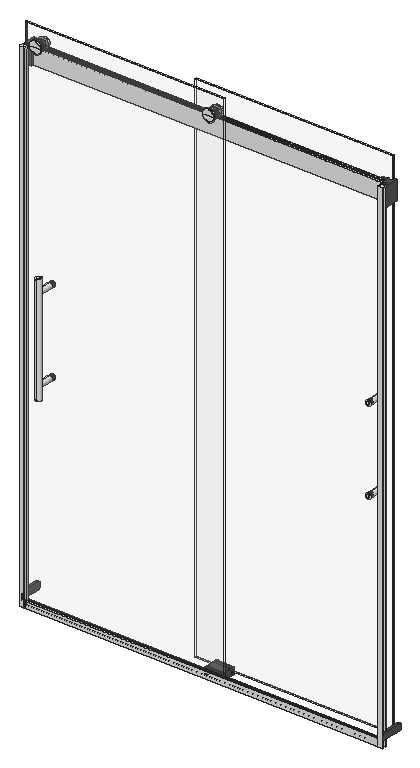
Revit family "Shower-Shower_Door-KOHLER-Levity_Plus-K-702429_1", category Specialty Equipment, host Face, Revit 2022 (continued)
Definition of nested family "K-702429"
  Automatic sketch dimensions
    curve 119 to curve 98 = 0.19685"
    curve 94 to curve 130 = 0.00949"
    curve 118 to curve 98 = 0"
    curve 118 to curve 103 = 0"
    curve 118 to curve 119 = 0.19685"
    curve 123 to plane 10 "B" = 0.39985"
    curve 126 to plane 10 "B" = 0.37476"
    curve 136 to plane 10 "B" = 0.37476"
    curve 124 to plane 10 "B" = 1/4"
    curve 125 to curve 124 = 0"
    plane 10 "B" to curve 125 = 1/4"
    curve 124 to curve 125 = 0"
    plane 10 "B" to curve 127 = 0.37476"
    curve 125 to curve 123 = 0.14985"
    curve 192 to curve 191 = 0.2753"
    curve 193 to curve 192 = 0"
    curve 192 to curve 190 = 0.2753"
    curve 190 to curve 191 = 0"
    curve 189 to curve 144 = 0.37539"
    curve 167 to curve 189 = 0"
    curve 190 to curve 193 = 0.2753"
    curve 192 to curve 193 = 0"
    curve 141 to curve 205 = 0.10651"
    curve 149 to curve 177 = 0.00584"
    curve 188 to plane 3 "Center (Left/Right)" = 0.34077"
    curve 206 to plane 3 "Center (Left/Right)" = 0.34077"
    curve 207 to curve 179 = 0"
    curve 167 to curve 188 = 0"
    curve 197 to plane 9 "E" = 0.37454"
    curve 199 to plane 9 "E" = 0.37454"
    plane 9 "E" to curve 197 = 0.37454"
    curve 203 to curve 201 = 0.27606"
    curve 202 to curve 203 = 0"
    curve 204 to curve 201 = 0.0719"
    curve 203 to curve 200 = 0.27606"
    curve 200 to curve 201 = 0"
    curve 201 to curve 204 = 0.0719"
    curve 200 to curve 202 = 0.27606"
    curve 203 to curve 202 = 0"
    curve 187 to plane 19 = 0.03488"
    radius of Extrusion 27 sketch curve = 0.3937"  (x2)
    radius of Extrusion 28 sketch curve = 0.44363"
    radius of curve 56 = 0.93903"
    radius of curve 57 = 0.89273"
    radius of curve 58 = 0.93903"
    radius of curve 59 = 0.89273"
    radius of curve 82 = 0.3937"
    radius of curve 83 = 0.3937"
    radius of curve 137 = 0.3885"
    radius of curve 198 = 0.3885"
Types (5): name | Width | Walk Thru | Type | Model | Finish
  (no name) | 56 169/256" | 24 145/256" | 1 | "K-702429-L-SHP" | Kohler-Metal-SHP-Bright_Polished_Silver
  SHP-Bright Polished Silver | 56 169/256" | 24 145/256" | 1 | "K-702429-L-SHP" | Kohler-Metal-SHP-Bright_Polished_Silver
  BNK-Anodized Brushed Nickel | 56 159/256" | 24 135/256" | 2 | "K-702429-L-BNK" | Kohler-Metal-BNK-Anodized_Brushed_Nickel
  BL-Matte Black | 56 159/256" | 24 135/256" | 3 | "K-702429-L-BL" | Kohler-Metal-BL-Matte_Black
  2MB-Vibrant Brushed Moderne Brass | 56 159/256" | 24 135/256" | 4 | "K-702429-L-2MB" | Kohler-Metal-2MB-Vibrant_Brushed_Moderne_Brass
